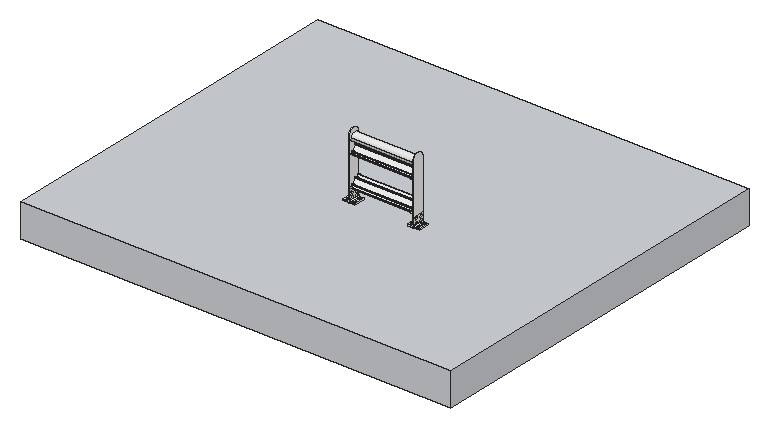
Revit family
Parameters (values of type "24" Projection")
  Warranty = "http://www.alllite-louvers.com/catalog/All-Lite-Warranty.pdf"
  URL = "http://www.alllite-louvers.com"
  Strut/Shroud = Extruded Aluminum
  Strut = no
  Specifications = "http://www.alllite-louvers.com/catalog/ssj-445-csi-specification.doc"
  SmartBIM Object Version = 3  # constant formula
  SmartBIM Object Created By = "Reed Construction Data"  # constant formula
  Shroud Angle = 45.00°  # constant formula
  Shroud = no
  Projection = 24"
  Product URL = "http://www.alllite-louvers.com/catalog.php?model=SSJ-445"
  Outrigger Spacing = 24"
  Outrigger Material = Extruded Aluminum
  Outrigger = "4” high x 0.250” thick plate with rounded front."  # constant formula
  Mounting Bracket = "Exposed"  # constant formula
  Model Number = "SSJ-445"  # constant formula
  Minimum Size = "12\""
  Maximum Size - Single Section = "96\""
  Maximum Size - Multiple Section = "Unlimited"  # constant formula
  Material = "Mill finish 6063-T5 extruded aluminum."  # constant formula
  Manufacturer = "All-Lite"  # constant formula
  Fascia Material = Extruded Aluminum
  Fascia = "3” diameter x 0.081” thick round tube."  # constant formula
  Mounting Bracket Material = Extruded Aluminum
  Exposed Mounting Bracket = yes
  Default Elevation = 0"
  Cut Sheet = "http://www.alllite-louvers.com/catalog/SSJ445.pdf"
  Concealed Mounting Bracket = not(Exposed Mounting Bracket)  # no
  Blades Width = Outrigger Spacing - 1/2"  # 23 1/2"
  Blades Material = Extruded Aluminum
  Blades = "45 deg x 0.081” thick thick J-style."  # constant formula
  Assembly Code = "B2010400"
  95 CSI = "10700"  # constant formula
  04 CSI = "10 71 13"  # constant formula
  # of Louvers = Projection / 12"  # 2
Types (5): name | Projection | Outrigger Spacing | Blades Width | # of Louvers
  24" Projection | 24" | 24" | 23 1/2" | 2
  36" Projection | 36" | 36" | 35 1/2" | 3
  42" Projection | 42" | 42" | 41 1/2" | 4
  48" Projection | 48" | 48" | 47 1/2" | 4
  60" Projection | 60" | 60" | 59 1/2" | 5
Reference planes (in)
  plane 1 "Center (Front/Back)": y = 0
  plane 2: z = 0
  plane 3 "Center (Left/Right)": x = -6
  plane 4: z = 24
  plane 5: x = -18
  plane 6: x = 6
  plane 7: x = -17.75
  plane 8: x = 5.75
  plane 9: z = 19
  plane 10: z = 5
  plane 11: y = 4
  plane 12: y = 2
Forms (in)
  Extrusion 1, solid
    sketch origin (0, 0, 0) x (1, 0, 0) y (0, 1, 0)
      loop
        line (-92, 78) -> (-92, -59) -> (67, -59) -> (67, 78) -> (-92, 78)
    from 0 to -12
  Extrusion 2, solid, material "Extruded Aluminum" <- "Outrigger Material"
    sketch origin (-6, 0, 0) x (0, 1, 0) y (0, 0, 1)
      loop
        line (4, 0) -> (4, 22)
        arc (4, 22) -> (2, 24) -> (0, 22) r 2
        line (0, 22) -> (0, 0) -> (4, 0)
    from -12 to -11.75
  Extrusion 3, solid, material "Extruded Aluminum" <- "Outrigger Material"
    sketch origin (-5, 0, 0) x (0, 1, 0) y (0, 0, -1)
      loop
        line (4, 0) -> (0, 0) -> (0, -22)
        arc (0, -22) -> (2, -24) -> (4, -22) r 2
        line (4, -22) -> (4, 0)
    from -11 to -10.75
  Extrusion 4, solid, material "Extruded Aluminum" <- "Fascia Material"
    sketch origin (-6, -0.125, 0) x (0, 1, 0) y (0, 0, 1)
      loop
        circle (2.125, 21.13401) r 1.5
    from -11.75 to 11.75
Dimensions and locks (in)
  "Projection": plane 4 to plane 2
  equal spacing: plane 6, plane 3 "Center (Left/Right)", plane 5
  "Outrigger Spacing": plane 6 to plane 5
  locked: plane 4 to Extrusion 2 sketch curve at 2  (x2)
  locked: plane 7 to plane 5 at 0.25
  locked: plane 8 to plane 6 at 0.25
  locked: plane 4 to Extrusion 3 sketch curve at 2  (x2)
  locked: plane 4 to plane 9 at 5
  locked: plane 2 to plane 10 at 5
  group 1 to group 2 = 0"  (x2)
  group 2 to group 1 = 11.04597"
  plane 11 to plane 1 "Center (Front/Back)" = 4"  (x2)
  equal spacing: plane 11, plane 12, plane 1 "Center (Front/Back)"
  equal spacing: nested 8, Extrusion 4 sketch curve, nested 8
  aligned and locked: Extrusion 1 to plane 2
  aligned and locked: Extrusion 1 to level
  aligned and locked: Extrusion 2 sketch curve to plane 2
  aligned and locked: plane 1 "Center (Front/Back)" to Extrusion 2 sketch curve
  aligned and locked: Extrusion 2 to plane 5
  aligned and locked: plane 7 to Extrusion 2
  aligned and locked: plane 8 to Extrusion 3
  aligned and locked: Extrusion 3 to plane 6
  aligned and locked: Extrusion 4 to plane 7
  aligned and locked: Extrusion 4 to plane 8
  aligned and locked: nested 2 to plane 2
  aligned and locked: plane 1 "Center (Front/Back)" to nested 2
  aligned and locked: plane 2 to nested 3
  aligned and locked: plane 3 "Center (Left/Right)" to nested 1
  aligned and locked: nested 4 to plane 10
  aligned and locked: nested 2 to plane 7
  aligned and locked: plane 8 to nested 3
  aligned and locked: nested 5 to plane 2
  aligned and locked: nested 5 to plane 11
  aligned and locked: plane 5 to nested 6
  aligned and locked: plane 2 to nested 6
  aligned and locked: plane 11 to nested 6
  aligned and locked: nested 5 to plane 6
  aligned and locked: nested 8 to plane 2
  aligned and locked: nested 8 to plane 1 "Center (Front/Back)"
  aligned and locked: plane 1 "Center (Front/Back)" to nested 7
  aligned and locked: plane 2 to nested 7
  aligned and locked: plane 6 to nested 7
  aligned and locked: nested 8 to plane 5
  aligned and locked: plane 11 to Extrusion 2 sketch curve
  aligned and locked: plane 11 to Extrusion 3 sketch curve
  aligned and locked: nested 1 to plane 1 "Center (Front/Back)"
  aligned and locked: nested 4 to plane 1 "Center (Front/Back)"
  aligned and locked: nested 1 to plane 9
  aligned and locked: nested 4 to plane 7
  aligned and locked: plane 3 "Center (Left/Right)" to nested 4
  aligned and locked: nested 3 to plane 11
  aligned and locked: Extrusion 4 sketch curve to plane 12
Automatic sketch dimensions
  Extrusion 1 sketch curve to Extrusion 1 sketch curve = 159"
  Extrusion 1 sketch curve to Extrusion 1 sketch curve = 137"
  Extrusion 3 sketch curve to level = 0"
  Extrusion 3 sketch curve to plane 1 "Center (Front/Back)" = 0"
  radius of Extrusion 4 sketch curve = 1 1/2"
Nested families (in)
  nested 1: "Blades" at (3.36478, 4.29446, 16.04597), type "Blades"
    with Width 23 1/2"
  nested 2: "Bracket" at (-17.875, 2, 0), type "Bracket"
  nested 3: "Bracket" at (5.875, 2, 0) x (-1, 0, 0) z (0, 0, 1), type "Bracket"
  nested 4: "Blades" at (3.36478, 4.29446, 5), type "Blades"
    with Width 23 1/2"
  nested 5: "Support" at (6.62966, 4, 0), type "Support"
    with Strut-Shroud no
  nested 6: "Support" at (-18.62966, 4, 0) x (-1, 0, 0) z (0, 0, 1), type "Support"
    with Strut-Shroud no
  nested 7: "Support" at (6.62966, 0, 0), type "Support 2"
  nested 8: "Support" at (-18.62966, 0, 0) x (-1, 0, 0) z (0, 0, 1), type "Support 2"
Definition of nested family "Blades"
  Parameters (values of type "Blades")
    Width = 59 1/2"
    Depth = 6"
    Default Elevation = 48"
    Blades = Extruded Aluminum
    Assembly Code = ""
  Reference planes (in)
    plane 1 "Center (Front/Back)": y = -2.29446
    plane 2: z = 0
    plane 3 "Center (Left/Right)": x = -9.36478
    plane 4: x = -39.11478
    plane 5: x = 20.38522
    plane 6: y = -4.29446
    plane 7: y = -0.29446
    plane 8: z = 2.95403
  Forms (in)
    Extrusion 1, solid, material "Extruded Aluminum" <- "Blades"
      sketch origin (-13.25347, 11.66353, 0.28125) x (0, 1, 0) y (0, 0, 1)
        loop
          arc (-13.20052, 1.96862) -> (-13.23366, 2.05475) -> (-13.31692, 2.09454) r 0.12476
          arc (-13.31692, 2.09454) -> (-13.34933, 2.06621) -> (-13.321, 2.0338) r 0.03044
          arc (-13.321, 2.0338) -> (-13.2801, 1.92489) -> (-13.38901, 1.96579) r 0.06388
          arc (-13.38901, 1.96579) -> (-13.42142, 1.99412) -> (-13.44976, 1.96171) r 0.03044
          arc (-13.44976, 1.96171) -> (-13.43383, 1.90857) -> (-13.39644, 1.86759) r 0.12476
          arc (-13.39644, 1.86759) -> (-13.38347, 1.84556) -> (-13.39214, 1.82151) r 0.03006
          line (-13.39214, 1.82151) -> (-14.77382, 0.43984)
          arc (-14.77382, 0.43984) -> (-14.79786, 0.43116) -> (-14.81989, 0.44413) r 0.03006
          arc (-14.81989, 0.44413) -> (-14.86088, 0.48152) -> (-14.91402, 0.49745) r 0.12476
          arc (-14.91402, 0.49745) -> (-14.94643, 0.46912) -> (-14.91809, 0.43671) r 0.03044
          arc (-14.91809, 0.43671) -> (-14.8772, 0.32779) -> (-14.98611, 0.36869) r 0.06388
          arc (-14.98611, 0.36869) -> (-15.01852, 0.39702) -> (-15.04685, 0.36462) r 0.03044
          arc (-15.04685, 0.36462) -> (-15.03092, 0.31147) -> (-14.99353, 0.27049) r 0.12476
          arc (-14.99353, 0.27049) -> (-14.98056, 0.24846) -> (-14.98924, 0.22441) r 0.03006
          line (-14.98924, 0.22441) -> (-15.41865, -0.20499) -> (-15.90028, -0.20499)
          arc (-15.90028, -0.20499) -> (-15.95515, -0.21934) -> (-15.92271, -0.26587) r 0.03457
          line (-15.92271, -0.26587) -> (-15.41896, -0.26587)
          arc (-15.41896, -0.26587) -> (-15.39566, -0.26124) -> (-15.37591, -0.24804) r 0.06088
          line (-15.37591, -0.24804) -> (-13.24165, 1.88623)
          arc (-13.24165, 1.88623) -> (-13.15138, 1.90819) -> (-13.07495, 1.85538) r 0.11349
          line (-13.07495, 1.85538) -> (-12.48388, 2.61191) -> (-11.98559, 2.61191)
          arc (-11.98559, 2.61191) -> (-11.95515, 2.64235) -> (-11.98559, 2.67278) r 0.03044
          line (-11.98559, 2.67278) -> (-12.48388, 2.67278)
          arc (-12.48388, 2.67278) -> (-12.51057, 2.66662) -> (-12.53186, 2.64939) r 0.06088
          line (-12.53186, 2.64939) -> (-13.08163, 1.9457)
          arc (-13.08163, 1.9457) -> (-13.13902, 1.96781) -> (-13.20052, 1.96862) r 0.17437
      from -25.8613 to 33.6387
  Dimensions and locks (in)
    equal spacing: plane 4, plane 3 "Center (Left/Right)", plane 5
    "Width": plane 4 to plane 5
    plane 7 to plane 6 = 4"
    equal spacing: plane 7, plane 1 "Center (Front/Back)", plane 6
    aligned and locked: Extrusion 1 to plane 5
    aligned and locked: Extrusion 1 to plane 4
  Automatic sketch dimensions
    Extrusion 1 sketch curve to Extrusion 1 sketch curve = 0"  (x25)
    level to Extrusion 1 sketch curve = 0.01538"
    plane 6 to Extrusion 1 sketch curve = 0.03528"
    Extrusion 1 sketch curve to Extrusion 1 sketch curve = 0.02243"
    Extrusion 1 sketch curve to Extrusion 1 sketch curve = 0.48163"
    level to Extrusion 1 sketch curve = 0.03321"
    Extrusion 1 sketch curve to Extrusion 1 sketch curve = 0.04305"
    Extrusion 1 sketch curve to Extrusion 1 sketch curve = 0.03037"  (x2)
    Extrusion 1 sketch curve to Extrusion 1 sketch curve = 0.00598"  (x2)
    Extrusion 1 sketch curve to Extrusion 1 sketch curve = 0.01696"  (x2)
    Extrusion 1 sketch curve to Extrusion 1 sketch curve = 0.02126"  (x5)
    Extrusion 1 sketch curve to Extrusion 1 sketch curve = 0.06374"  (x2)
    Extrusion 1 sketch curve to Extrusion 1 sketch curve = 0.00428"  (x2)
    Extrusion 1 sketch curve to Extrusion 1 sketch curve = 0.00204"  (x2)
    Extrusion 1 sketch curve to Extrusion 1 sketch curve = 0.0982"
    Extrusion 1 sketch curve to Extrusion 1 sketch curve = 0.02482"
    Extrusion 1 sketch curve to plane 1 "Center (Front/Back)" = 0.50824"
    Extrusion 1 sketch curve to Extrusion 1 sketch curve = 0.08363"
    Extrusion 1 sketch curve to Extrusion 1 sketch curve = 0.04112"
    Extrusion 1 sketch curve to Extrusion 1 sketch curve = 0.06962"
    Extrusion 1 sketch curve to Extrusion 1 sketch curve = 0.11889"
    Extrusion 1 sketch curve to Extrusion 1 sketch curve = 0.00669"
    plane 7 to Extrusion 1 sketch curve = 0.57386"
    Extrusion 1 sketch curve to Extrusion 1 sketch curve = 0.04797"
    plane 7 to Extrusion 1 sketch curve = 0.0276"
    level to Extrusion 1 sketch curve = 0.50566"
    Extrusion 1 sketch curve to Extrusion 1 sketch curve = 0.09412"
    Extrusion 1 sketch curve to Extrusion 1 sketch curve = 0.00429"
    Extrusion 1 sketch curve to Extrusion 1 sketch curve = 0.02491"
    Extrusion 1 sketch curve to Extrusion 1 sketch curve = 0.05878"
    Extrusion 1 sketch curve to Extrusion 1 sketch curve = 0.09032"
    Extrusion 1 sketch curve to Extrusion 1 sketch curve = 0.6662"
    Extrusion 1 sketch curve to Extrusion 1 sketch curve = 0.00031"
    Extrusion 1 sketch curve to Extrusion 1 sketch curve = 0.3718"
    Extrusion 1 sketch curve to Extrusion 1 sketch curve = 0.03044"
    Extrusion 1 sketch curve to plane 8 = 0"
Definition of nested family "Bracket"
  Parameters
    Mounting Bracket = Extruded Aluminum
    Exposed Mounting Bracket = yes
    Concealed Mounting Bracket = no
  Reference planes (in)
    plane 1 "Center (Front/Back)": y = 0
    plane 2: z = 0
    plane 3 "Center (Left/Right)": x = 0
    plane 4: x = 0.125
    plane 5: x = -0.125
    plane 6: y = 2
    plane 7: y = -2
  Forms (in)
    Extrusion 1, solid, material "Extruded Aluminum" <- "Mounting Bracket", visible <- "Exposed Mounting Bracket"
      sketch origin (0, -3, 0) x (1, 0, 0) y (0, 0, -1)
        loop
          line (0.125, -3.5) -> (0.125, -1)
          arc (0.125, -1) -> (0.27145, -0.64645) -> (0.625, -0.5) r 0.5
          line (0.625, -0.5) -> (2.25, -0.5) -> (2.25, 0) -> (-2.25, 0) -> (-2.25, -0.5) -> (-0.625, -0.5)
          arc (-0.625, -0.5) -> (-0.27145, -0.64645) -> (-0.125, -1) r 0.5
          line (-0.125, -1) -> (-0.125, -3.5) -> (0.125, -3.5)
      from 1 to 5
    Extrusion 2, solid, material "Extruded Aluminum" <- "Mounting Bracket", visible <- "Exposed Mounting Bracket"
      sketch origin (0, -3.34375, 0) x (0, 0, -1) y (0, 1, 0)
        loop
          line (-3.01381, 1.91024) -> (-2.54571, 1.91024) -> (-2.31166, 2.31563) -> (-2.54571, 2.72102) -> (-3.01381, 2.72102) -> (-3.24786, 2.31563) -> (-3.01381, 1.91024)
        loop
          line (-1.59929, 1.91024) -> (-1.13119, 1.91024) -> (-0.89714, 2.31563) -> (-1.13119, 2.72102) -> (-1.59929, 2.72102) -> (-1.83334, 2.31563) -> (-1.59929, 1.91024)
        loop
          line (-3.01381, 3.96648) -> (-2.54571, 3.96648) -> (-2.31166, 4.37187) -> (-2.54571, 4.77726) -> (-3.01381, 4.77726) -> (-3.24786, 4.37187) -> (-3.01381, 3.96648)
        loop
          line (-1.59929, 3.96648) -> (-1.13119, 3.96648) -> (-0.89714, 4.37187) -> (-1.13119, 4.77726) -> (-1.59929, 4.77726) -> (-1.83334, 4.37187) -> (-1.59929, 3.96648)
      from 0.125 to 0.25
    Extrusion 3, solid, material "Extruded Aluminum" <- "Mounting Bracket", visible <- "Exposed Mounting Bracket"
      sketch origin (0, -3.34375, 0) x (0, 0, -1) y (0, -1, 0)
        loop
          line (-3.01381, -1.91024) -> (-3.24786, -2.31563) -> (-3.01381, -2.72102) -> (-2.54571, -2.72102) -> (-2.31166, -2.31563) -> (-2.54571, -1.91024) -> (-3.01381, -1.91024)
        loop
          line (-1.59929, -1.91024) -> (-1.83334, -2.31563) -> (-1.59929, -2.72102) -> (-1.13119, -2.72102) -> (-0.89714, -2.31563) -> (-1.13119, -1.91024) -> (-1.59929, -1.91024)
        loop
          line (-3.01381, -3.96648) -> (-3.24786, -4.37187) -> (-3.01381, -4.77726) -> (-2.54571, -4.77726) -> (-2.31166, -4.37187) -> (-2.54571, -3.96648) -> (-3.01381, -3.96648)
        loop
          line (-1.59929, -3.96648) -> (-1.83334, -4.37187) -> (-1.59929, -4.77726) -> (-1.13119, -4.77726) -> (-0.89714, -4.37187) -> (-1.13119, -3.96648) -> (-1.59929, -3.96648)
      from 0.125 to 0.25
    Extrusion 4, solid, material "Extruded Aluminum" <- "Mounting Bracket", visible <- "Exposed Mounting Bracket"
      sketch origin (-4.22137, -3.34375, 0.875) x (-1, 0, 0) y (0, -1, 0)
        loop
          line (-3.20131, -3.96648) -> (-3.43536, -4.37187) -> (-3.20131, -4.77726) -> (-2.73321, -4.77726) -> (-2.49916, -4.37187) -> (-2.73321, -3.96648) -> (-3.20131, -3.96648)
        loop
          line (-3.20131, -2.72102) -> (-2.73321, -2.72102) -> (-2.49916, -2.31563) -> (-2.73321, -1.91024) -> (-3.20131, -1.91024) -> (-3.43536, -2.31563) -> (-3.20131, -2.72102)
      from -0.375 to -0.32394
    Extrusion 5, solid, material "Extruded Aluminum" <- "Mounting Bracket", visible <- "Concealed Mounting Bracket"
      sketch origin (0, 0, 0) x (0, 1, 0) y (0, 0, 1)
        loop
          line (2, 3.5) -> (-2, 3.5) -> (-2, 0) -> (2, 0) -> (2, 3.5)
      from -0.125 to 0.125
    Extrusion 6, solid, material "Extruded Aluminum" <- "Mounting Bracket", visible <- "Concealed Mounting Bracket"
      sketch origin (-0.25, -3.34375, 0) x (0, 0, -1) y (0, -1, 0)
        loop
          line (-3.24786, -4.37187) -> (-3.01381, -4.77726) -> (-2.54571, -4.77726) -> (-2.31166, -4.37187) -> (-2.54571, -3.96648) -> (-3.01381, -3.96648) -> (-3.24786, -4.37187)
        loop
          line (-3.24786, -2.31563) -> (-3.01381, -2.72102) -> (-2.54571, -2.72102) -> (-2.31166, -2.31563) -> (-2.54571, -1.91024) -> (-3.01381, -1.91024) -> (-3.24786, -2.31563)
        loop
          line (-1.83334, -2.31563) -> (-1.59929, -2.72102) -> (-1.13119, -2.72102) -> (-0.89714, -2.31563) -> (-1.13119, -1.91024) -> (-1.59929, -1.91024) -> (-1.83334, -2.31563)
        loop
          line (-1.59929, -3.96648) -> (-1.83334, -4.37187) -> (-1.59929, -4.77726) -> (-1.13119, -4.77726) -> (-0.89714, -4.37187) -> (-1.13119, -3.96648) -> (-1.59929, -3.96648)
      from -0.375 to -0.5
    Extrusion 7, solid, material "Extruded Aluminum" <- "Mounting Bracket", visible <- "Concealed Mounting Bracket"
      sketch origin (0.25, -3.34375, 0) x (0, 0, -1) y (0, 1, 0)
        loop
          line (-3.24786, 4.37187) -> (-3.01381, 3.96648) -> (-2.54571, 3.96648) -> (-2.31166, 4.37187) -> (-2.54571, 4.77726) -> (-3.01381, 4.77726) -> (-3.24786, 4.37187)
        loop
          line (-1.59929, 3.96648) -> (-1.13119, 3.96648) -> (-0.89714, 4.37187) -> (-1.13119, 4.77726) -> (-1.59929, 4.77726) -> (-1.83334, 4.37187) -> (-1.59929, 3.96648)
        loop
          line (-3.24786, 2.31563) -> (-3.01381, 1.91024) -> (-2.54571, 1.91024) -> (-2.31166, 2.31563) -> (-2.54571, 2.72102) -> (-3.01381, 2.72102) -> (-3.24786, 2.31563)
        loop
          line (-1.59929, 2.72102) -> (-1.83334, 2.31563) -> (-1.59929, 1.91024) -> (-1.13119, 1.91024) -> (-0.89714, 2.31563) -> (-1.13119, 2.72102) -> (-1.59929, 2.72102)
      from -0.375 to -0.5
    Extrusion 8, solid, material "Extruded Aluminum" <- "Mounting Bracket", visible <- "Exposed Mounting Bracket"
      sketch origin (4.22137, -3.34375, 0.875) x (1, 0, 0) y (0, 1, 0)
        loop
          line (-3.20131, 3.96648) -> (-2.73321, 3.96648) -> (-2.49916, 4.37187) -> (-2.73321, 4.77726) -> (-3.20131, 4.77726) -> (-3.43536, 4.37187) -> (-3.20131, 3.96648)
        loop
          line (-3.20131, 2.72102) -> (-3.43536, 2.31563) -> (-3.20131, 1.91024) -> (-2.73321, 1.91024) -> (-2.49916, 2.31563) -> (-2.73321, 2.72102) -> (-3.20131, 2.72102)
      from -0.375 to -0.32394
  Dimensions and locks (in)
    plane 3 "Center (Left/Right)" to plane 4 = 1/8"
    aligned and locked: Extrusion 2 to Extrusion 1
    aligned and locked: Extrusion 3 to Extrusion 1
    aligned and locked: Extrusion 4 to Extrusion 1
    aligned and locked: Extrusion 1 to plane 5
    aligned and locked: Extrusion 1 to plane 4
    aligned and locked: Extrusion 5 to plane 5
    aligned and locked: Extrusion 5 to plane 4
    aligned and locked: Extrusion 1 to Extrusion 5  (x2)
    aligned and locked: Extrusion 1 to Extrusion 6
    aligned and locked: Extrusion 7 to Extrusion 1
Definition of nested family "Support"
  Parameters (values of type "Support")
    Strut/Shroud = Extruded Aluminum
    Strut-Shroud = yes
    Height = 24"
    Assembly Code = ""
    A = 45.00°
  Types (2): name | Strut-Shroud
    Support | yes
    Support 2 | no
  Reference planes (in)
    plane 1 "Center (Front/Back)": y = 0
    plane 2: z = 0
    plane 3 "Center (Left/Right)": x = 0
    plane 4: z = 24
    plane 5: x = -0.56716
    plane 6: y = -36
  Forms (in)
    Extrusion 1, solid, material "Extruded Aluminum" <- "Strut/Shroud", visible <- "Strut-Shroud"
      sketch origin (0, 0, 24) x (0, -0.707107, -0.707107) y (0, 0.707107, -0.707107)
        loop
          line (32.37336, 1.39128) -> (33.83189, -0.06725) -> (33.97108, -0.02996) -> (32.4616, 1.47953) -> (32.37336, 1.39128)
      from -2.00813 to 0.99187
    Extrusion 2, solid, material "Extruded Aluminum" <- "Strut/Shroud", visible <- "Strut-Shroud"
      sketch origin (0, -12.00474, 24) x (0, -0.707107, -0.707107) y (0, 0.707107, -0.707107)
        loop
          line (23.88807, 9.87656) -> (22.96788, 8.95637) -> (22.96788, 8.08532) -> (23.40943, 7.71752) -> (25.34326, 8.42138) -> (23.88807, 9.87656)
      from -0.69467 to -0.41809
    Revolve 3, solid, material "Extruded Aluminum" <- "Strut/Shroud", visible <- "Strut-Shroud"
      sketch origin (-0.57205, 0, 36) x (0, -0.707107, -0.707107) y (0, 0.707107, -0.707107)
        loop
          line (39.94179, 7.8168) -> (39.8666, 8.48528) -> (13.37106, 8.48528) -> (13.37106, 7.861) -> (14.61859, 7.861) -> (14.658, 7.90041) -> (14.81183, 7.90041) -> (14.81183, 8.05423) -> (16.46543, 8.05423) -> (16.46543, 7.87715) -> (36.1687, 7.87715) -> (36.1687, 8.01004) -> (37.8223, 8.01004) -> (37.8223, 7.85621) -> (37.97613, 7.85621) -> (38.01554, 7.8168) -> (39.94179, 7.8168)
        axis (13.37106, 8.48528) -> (39.94179, 8.48528)
      angle from 0 to 360
    Extrusion 4, solid, material "Extruded Aluminum" <- "Strut/Shroud", visible <- "Strut-Shroud"
      sketch origin (0, 0, 24) x (0, -0.707107, -0.707107) y (0, 0.707107, -0.707107)
        loop
          line (31.45651, 0.40331) -> (31.45651, -0.40331) -> (31.97442, -0.40331)
          arc (31.97442, -0.40331) -> (32.37773, 0) -> (31.97442, 0.40331) r 0.40331
          line (31.97442, 0.40331) -> (31.45651, 0.40331)
        loop
          circle (31.85513, 0) r 0.25
      from -0.41809 to -0.28683
    Extrusion 5, solid, material "Extruded Aluminum" <- "Strut/Shroud", visible <- "Strut-Shroud"
      sketch origin (0, 0, 24) x (0, -0.707107, -0.707107) y (0, 0.707107, -0.707107)
        loop
          line (31.45651, 0.40331) -> (31.45651, -0.40331) -> (31.97442, -0.40331)
          arc (31.97442, -0.40331) -> (32.37773, 0) -> (31.97442, 0.40331) r 0.40331
          line (31.97442, 0.40331) -> (31.45651, 0.40331)
        loop
          circle (31.85513, 0) r 0.25
      from -0.81655 to -0.69467
    Extrusion 6, solid, material "Extruded Aluminum" <- "Strut/Shroud", visible <- "Strut-Shroud"
      sketch origin (0, -1.4375, 22.5625) x (0, -0.707107, -0.707107) y (0, 0.707107, -0.707107)
        loop
          line (2.83491, 0.60421) -> (2.02558, 0.60421)
          arc (2.02558, 0.60421) -> (1.42513, 0.00376) -> (2.02558, -0.59669) r 0.60045
          line (2.02558, -0.59669) -> (2.83491, -0.59669) -> (2.83491, 0.60421)
        loop
          circle (2.18595, 0) r 0.24295
      from -0.3521 to -0.21374
    Extrusion 7, solid, material "Extruded Aluminum" <- "Strut/Shroud", visible <- "Strut-Shroud"
      sketch origin (0, -1.4375, 22.5625) x (0, -0.707107, -0.707107) y (0, 0.707107, -0.707107)
        loop
          line (3.07, 0.58391) -> (-2.01794, 5.67185) -> (-3.65166, 4.03813) -> (1.43629, -1.04981)
          arc (1.43629, -1.04981) -> (3.07, -1.04981) -> (3.07, 0.58391) r 1.15521
        loop
          circle (2.18595, 0) r 0.24295
        loop
          circle (-0.73694, 2.94336) r 0.24295
        loop
          circle (-2.32848, 4.51443) r 0.24295
      from -0.62966 to -0.3521
    Extrusion 8, solid, material "Extruded Aluminum" <- "Strut/Shroud", visible <- "Strut-Shroud"
      sketch origin (-0.98205, -1.4375, 22.5625) x (0, -0.707107, -0.707107) y (0, -0.707107, 0.707107)
        loop
          line (2.83491, -0.60912) -> (2.83491, 0.59669) -> (2.02558, 0.59669)
          arc (2.02558, 0.59669) -> (1.42268, -0.00622) -> (2.02558, -0.60912) r 0.6029
          line (2.02558, -0.60912) -> (2.83491, -0.60912)
        loop
          circle (2.18595, 0) r 0.24295
      from -0.35239 to -0.21374
    Extrusion 9, solid, material "Extruded Aluminum" <- "Strut/Shroud", visible <- "Strut-Shroud"
      sketch origin (0, -1.4375, -1.4375) x (0, 1, 0) y (0, 0, 1)
        loop
          line (-1.71778, 22.73083) -> (-1.88198, 22.44643) -> (-1.71778, 22.16202) -> (-1.38937, 22.16202) -> (-1.22517, 22.44643) -> (-1.38937, 22.73083) -> (-1.71778, 22.73083)
      from -0.21374 to -0.15124
    Extrusion 10, solid, material "Extruded Aluminum" <- "Strut/Shroud", visible <- "Strut-Shroud"
      sketch origin (0, -1.4375, -1.4375) x (0, 1, 0) y (0, 0, 1)
        loop
          line (4.98441, 22.73083) -> (4.656, 22.73083) -> (4.4918, 22.44643) -> (4.656, 22.16202) -> (4.98441, 22.16202) -> (5.14861, 22.44643) -> (4.98441, 22.73083)
        loop
          line (2.75405, 22.73083) -> (2.42564, 22.73083) -> (2.26144, 22.44643) -> (2.42564, 22.16202) -> (2.75405, 22.16202) -> (2.91825, 22.44643) -> (2.75405, 22.73083)
      from -0.3521 to -0.2896
    Extrusion 11, solid, material "Extruded Aluminum" <- "Strut/Shroud", visible <- "Strut-Shroud"
      sketch origin (-1.13431, -1.4375, -1.4375) x (0, 1, 0) y (0, 0, -1)
        loop
          line (-1.71778, -22.73083) -> (-1.38937, -22.73083) -> (-1.22517, -22.44643) -> (-1.38937, -22.16202) -> (-1.71778, -22.16202) -> (-1.88198, -22.44643) -> (-1.71778, -22.73083)
      from -0.36601 to -0.30351
    Extrusion 12, solid, material "Extruded Aluminum" <- "Strut/Shroud", visible <- "Strut-Shroud"
      sketch origin (-1.13431, -1.4375, -1.4375) x (0, 1, 0) y (0, 0, -1)
        loop
          line (4.98441, -22.73083) -> (5.14861, -22.44643) -> (4.98441, -22.16202) -> (4.656, -22.16202) -> (4.4918, -22.44643) -> (4.656, -22.73083) -> (4.98441, -22.73083)
        loop
          line (2.75405, -22.73083) -> (2.91825, -22.44643) -> (2.75405, -22.16202) -> (2.42564, -22.16202) -> (2.26144, -22.44643) -> (2.42564, -22.73083) -> (2.75405, -22.73083)
      from -0.50466 to -0.44216
  Cuts and joins
    joined: Extrusion 2, Extrusion 4, Extrusion 5
    joined: Extrusion 6, Extrusion 7, Extrusion 8
  Lines and regions (in)
    reference lines
      curve 1: line (0, 0, 24) -> (0, -24, 0)
  Dimensions and locks (in)
    "Height": level to plane 4
    "A": angle plane 1 "Center (Front/Back)" to curve 1
    aligned and locked: plane 4 to curve 1
    aligned and locked: plane 1 "Center (Front/Back)" to curve 1
    aligned and locked: level to curve 1
    aligned and locked: Extrusion 9 to cut or joined group of Extrusion 6, Extrusion 7, Extrusion 8
    aligned and locked: cut or joined group of Extrusion 6, Extrusion 7, Extrusion 8 to Extrusion 10
    aligned and locked: Extrusion 12 to cut or joined group of Extrusion 6, Extrusion 7, Extrusion 8
    aligned and locked: Extrusion 11 to cut or joined group of Extrusion 6, Extrusion 7, Extrusion 8
  Automatic sketch dimensions
    Extrusion 1 sketch curve to curve 1 = 1.56777"
    Extrusion 1 sketch curve to Extrusion 1 sketch curve = 0.08824"
    Extrusion 1 sketch curve to curve 1 = 0.10923"
    curve 1 to Extrusion 1 sketch curve = 0.02996"  (x2)
    curve 1 to Extrusion 1 sketch curve = 0.06725"
    Extrusion 2 sketch curve to curve 1 = 0.46774"
    Extrusion 2 sketch curve to curve 1 = 2.48462"
    curve 1 to Extrusion 2 sketch curve = 0.77111"
    Extrusion 2 sketch curve to Extrusion 2 sketch curve = 0.44155"
    Extrusion 2 sketch curve to Extrusion 2 sketch curve = 0.9202"
    Extrusion 2 sketch curve to curve 1 = 0.10923"
    curve 1 to Extrusion 2 sketch curve = 0.40331"
    curve 1 to Extrusion 2 sketch curve = 0.06725"
    Revolve 3 sketch curve to plane 1 "Center (Front/Back)" = 0"
    Revolve 3 sketch curve to plane 4 = 0"
    Revolve 3 sketch curve to level = 0"
    Revolve 3 sketch curve to Revolve 3 sketch curve = 4.88578"
    Revolve 3 sketch curve to Revolve 3 sketch curve = 1.24753"
    Revolve 3 sketch curve to Revolve 3 sketch curve = 0.03941"  (x2)
    Revolve 3 sketch curve to Revolve 3 sketch curve = 0.15382"  (x4)
    Revolve 3 sketch curve to Revolve 3 sketch curve = 1.6536"  (x2)
    Revolve 3 sketch curve to Revolve 3 sketch curve = 6.2577"
    Revolve 3 sketch curve to Revolve 3 sketch curve = 1.85106"
    Revolve 3 sketch curve to Revolve 3 sketch curve = 0.07519"
    Revolve 3 sketch curve to Revolve 3 sketch curve = 0"
    Revolve 3 sketch curve to Revolve 3 sketch curve = 0.43105"
    Revolve 3 sketch curve to Revolve 3 sketch curve = 0.47524"
    Revolve 3 sketch curve to Revolve 3 sketch curve = 0.13289"
    Revolve 3 sketch curve to Revolve 3 sketch curve = 0.62429"
    Revolve 3 sketch curve to Revolve 3 sketch curve = 0.66848"
    Extrusion 4 sketch curve to Extrusion 4 sketch curve = 0"  (x2)
    Extrusion 4 sketch curve to curve 1 = 0"  (x2)
    Extrusion 4 sketch curve to curve 1 = 0.40331"
    Extrusion 4 sketch curve to curve 1 = 2.48462"
    Extrusion 4 sketch curve to Extrusion 4 sketch curve = 0.14862"
    Extrusion 4 sketch curve to Extrusion 4 sketch curve = 1/4"
    Extrusion 4 sketch curve to Extrusion 4 sketch curve = 0.11929"
    Extrusion 5 sketch curve to curve 1 = 0"  (x2)
    curve 1 to Extrusion 5 sketch curve = 0.40331"
    Extrusion 5 sketch curve to curve 1 = 2.48462"
    Extrusion 5 sketch curve to Extrusion 5 sketch curve = 0.39862"
    Extrusion 5 sketch curve to Extrusion 5 sketch curve = 0.11929"
    plane 1 "Center (Front/Back)" to Extrusion 9 sketch curve = 3.31948"
    Extrusion 9 sketch curve to Extrusion 9 sketch curve = 0.1642"  (x3)
    Extrusion 9 sketch curve to Extrusion 9 sketch curve = 0.3284"  (x2)
    plane 4 to Extrusion 9 sketch curve = 3.27548"
    Extrusion 9 sketch curve to Extrusion 9 sketch curve = 0.28441"  (x3)
    Extrusion 10 sketch curve to plane 1 "Center (Front/Back)" = 0.82394"
    Extrusion 10 sketch curve to plane 1 "Center (Front/Back)" = 0.98814"  (x2)
    Extrusion 10 sketch curve to plane 1 "Center (Front/Back)" = 1.31655"  (x2)
    Extrusion 10 sketch curve to Extrusion 10 sketch curve = 0.1642"  (x4)
    Extrusion 10 sketch curve to Extrusion 10 sketch curve = 1.57356"
    Extrusion 10 sketch curve to Extrusion 10 sketch curve = 0.3284"  (x2)
    plane 4 to Extrusion 10 sketch curve = 3.27548"
    Extrusion 10 sketch curve to Extrusion 10 sketch curve = 0"
    Extrusion 10 sketch curve to Extrusion 10 sketch curve = 0.28441"  (x6)
    plane 1 "Center (Front/Back)" to Extrusion 11 sketch curve = 3.31948"
    Extrusion 11 sketch curve to Extrusion 11 sketch curve = 0.1642"  (x3)
    Extrusion 11 sketch curve to Extrusion 11 sketch curve = 0.3284"  (x2)
    plane 4 to Extrusion 11 sketch curve = 2.70667"
    Extrusion 11 sketch curve to Extrusion 11 sketch curve = 0.28441"  (x3)
    Extrusion 12 sketch curve to plane 1 "Center (Front/Back)" = 0.82394"
    Extrusion 12 sketch curve to plane 1 "Center (Front/Back)" = 0.98814"  (x2)
    Extrusion 12 sketch curve to plane 1 "Center (Front/Back)" = 1.31655"  (x2)
    Extrusion 12 sketch curve to Extrusion 12 sketch curve = 0.1642"  (x4)
    Extrusion 12 sketch curve to Extrusion 12 sketch curve = 1.57356"
    Extrusion 12 sketch curve to Extrusion 12 sketch curve = 0.3284"  (x2)
    plane 4 to Extrusion 12 sketch curve = 2.70667"  (x2)
    Extrusion 12 sketch curve to Extrusion 12 sketch curve = 0.28441"  (x6)
    plane 1 "Center (Front/Back)" to Extrusion 8 sketch curve = 2.81141"
    plane 4 to Extrusion 8 sketch curve = 2.81141"
    Extrusion 8 sketch curve to Extrusion 8 sketch curve = 0.08259"
    Extrusion 8 sketch curve to Extrusion 8 sketch curve = 0.16036"
    Extrusion 8 sketch curve to Extrusion 8 sketch curve = 0.40601"
    Extrusion 8 sketch curve to Extrusion 8 sketch curve = 0.00622"
    Extrusion 8 sketch curve to Extrusion 8 sketch curve = 0.60912"
    Extrusion 6 sketch curve to curve 1 = 0"
    curve 1 to Extrusion 6 sketch curve = 3.97593"
    Extrusion 6 sketch curve to Extrusion 6 sketch curve = 0.08259"
    Extrusion 6 sketch curve to curve 1 = 0.00376"
    Extrusion 6 sketch curve to Extrusion 6 sketch curve = 0.16036"
    Extrusion 6 sketch curve to Extrusion 6 sketch curve = 0.40601"
    curve 1 to Extrusion 6 sketch curve = 0.59669"
    Extrusion 7 sketch curve to Extrusion 7 sketch curve = 0"  (x6)
    Extrusion 7 sketch curve to curve 1 = 0"
    Extrusion 7 sketch curve to curve 1 = 1.61872"
    Extrusion 7 sketch curve to curve 1 = 0.5385"
    Extrusion 7 sketch curve to Extrusion 7 sketch curve = 0.24295"  (x3)
    curve 1 to Extrusion 7 sketch curve = 0.01499"
    curve 1 to Extrusion 7 sketch curve = 1.05305"
    curve 1 to Extrusion 7 sketch curve = 1.04981"
    curve 1 to Extrusion 7 sketch curve = 3.46922"
    Extrusion 7 sketch curve to Extrusion 7 sketch curve = 0.50671"
    curve 1 to Extrusion 7 sketch curve = 0.23295"
    Extrusion 7 sketch curve to Extrusion 7 sketch curve = 0.0672"
    Extrusion 7 sketch curve to curve 1 = 0.58391"
    curve 1 to Extrusion 7 sketch curve = 2.94336"
    curve 1 to Extrusion 7 sketch curve = 4.51443"
    radius of Extrusion 5 sketch curve = 1/4"
